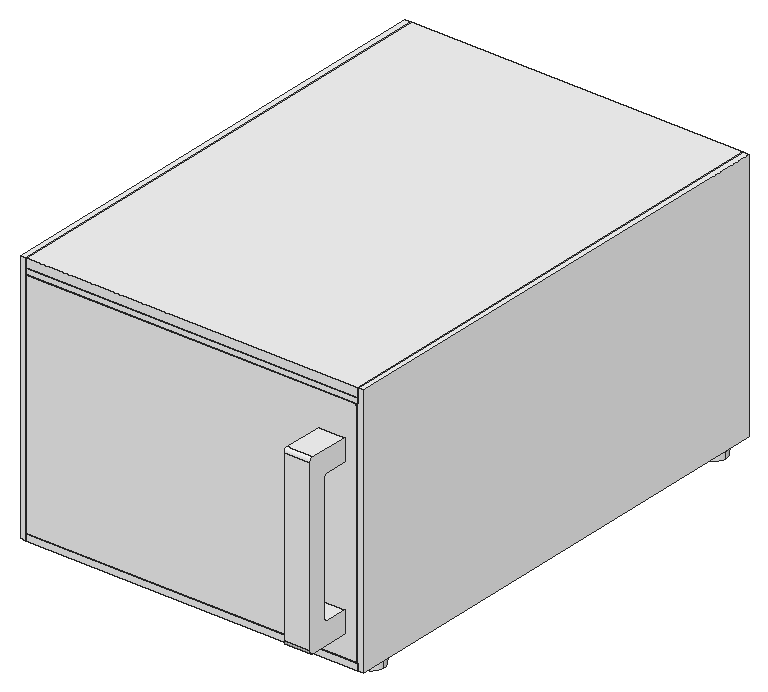
Revit family "QF_Vollrath_SBC12", category Specialty Equipment, Revit 2016
Family settings
  Part Type = Normal
  Round Connector Dimension = Use Diameter
  OmniClass Number = 23.40.40.00
  OmniClass Title = Food Service Equipment and Furnishings
  Work Plane-Based = Yes
  Always vertical = Yes
  Cut with Voids When Loaded = No
  Shared = No
  Room Calculation Point = No
Parameters
  Width = 10"
  Weight in Pounds = 0
  Watermarked By = ""
  URL Cutsheet = ""
  Specification by User [instance] = ""
  Specification by Manufacturer [instance] = ""
  Serial Number [instance] = ""
  Revision Code [instance] = ""
  NAFEM Spec ID Number [instance] = ""
  Model = "SBC12"
  Masterspec [instance] = ""
  Manufacturer = "Vollrath"
  Item Number [instance] = "-"
  Installed By [instance] = ""
  Height = 7 3/8"
  Furnished By [instance] = ""
  Foodservice Equipment Identifier = yes
  Description = "1/2 Display Bin with Front Door"
  Depth = 14"
  Default Elevation = 48"
  CSI MasterFormat = ""
Reference planes (in)
  plane 1 "BACK": y = 0
  plane 2 "BOTTOM": z = 0
  plane 3 "LEFT": x = -16.56573
  plane 4 "RIGHT": x = -6.56573
  plane 5 "Front Inner": y = -14
  plane 6 "FRONT": y = -15.2462
  plane 7 "Bottom of Body": z = 0.38
  plane 8 "TOP": z = 7.755
  plane 9 "Caster Left": x = -16.00573
  plane 10 "Caster Right": x = -7.12573
  plane 11 "Caster Back": y = -0.56
  plane 12 "Caster Front": y = -13
  plane 13 "Center LR": x = -11.56573
  plane 14: x = -15.31573
  plane 15: z = 1.19
  plane 16: z = 1.83
  plane 17: z = 5.68
  plane 18: z = 6.32
Forms (in)
  Extrusion 1, solid, material "QF_Plastic-White-Transparent"
    sketch origin (0, 0, 0) x (1, 0, 0) y (0, 0, 1)
      loop
        line (-16.56573, 7.755) -> (-16.56573, 0.38) -> (-16.39573, 0.38) -> (-16.39573, 7.755) -> (-16.56573, 7.755)
    from 0 to 14
  Extrusion 2, solid, material "QF_Plastic-White-Transparent"
    sketch origin (0, 0, 0) x (1, 0, 0) y (0, 0, 1)
      loop
        line (-6.56573, 7.755) -> (-6.73573, 7.755) -> (-6.73573, 0.38) -> (-6.56573, 0.38) -> (-6.56573, 7.755)
    from 0 to 14
  Extrusion 3, solid, material "QF_Plastic-White-Transparent"
    sketch origin (0, 0, 0) x (1, 0, 0) y (0, 0, 1)
      loop
        line (-16.39573, 0.38) -> (-6.73573, 0.38) -> (-6.73573, 0.55) -> (-16.39573, 0.55) -> (-16.39573, 0.38)
    from 0 to 14
  Extrusion 4, solid, material "QF_Plastic-White-Transparent"
    sketch origin (0, 0, 0) x (1, 0, 0) y (0, 0, 1)
      loop
        line (-16.39573, 7.755) -> (-16.39573, 7.505) -> (-6.73573, 7.505) -> (-6.73573, 7.755) -> (-16.39573, 7.755)
    from 0 to 14
  Extrusion 5, solid, material "QF_Plastic-White-Transparent"
    sketch origin (0, 0, 0) x (1, 0, 0) y (0, 0, 1)
      loop
        line (-16.39573, 7.505) -> (-16.39573, 7.335) -> (-6.73573, 7.335) -> (-6.73573, 7.505) -> (-16.39573, 7.505)
    from 0 to 14
  Extrusion 6, solid, material "QF_Plastic-White-Transparent"
    sketch origin (0, 0, 0) x (1, 0, 0) y (0, 0, 1)
      loop
        line (-6.73573, 7.335) -> (-16.39573, 7.335) -> (-16.39573, 0.55) -> (-6.73573, 0.55) -> (-6.73573, 7.335)
    from 0 to 0.17
  Extrusion 7, solid, material "QF_Plastic-White-Transparent"
    sketch origin (0, -14, 0) x (1, 0, 0) y (0, 0, 1)
      loop
        arc (-6.79573, 0.58) -> (-6.77451, 0.58879) -> (-6.76573, 0.61) r 0.03
        line (-6.76573, 0.61) -> (-6.76573, 7.275)
        arc (-6.76573, 7.275) -> (-6.77451, 7.29621) -> (-6.79573, 7.305) r 0.03
        line (-6.79573, 7.305) -> (-16.33573, 7.305)
        arc (-16.33573, 7.305) -> (-16.35694, 7.29621) -> (-16.36573, 7.275) r 0.03
        line (-16.36573, 7.275) -> (-16.36573, 0.61)
        arc (-16.36573, 0.61) -> (-16.35694, 0.58879) -> (-16.33573, 0.58) r 0.03
        line (-16.33573, 0.58) -> (-6.79573, 0.58)
    from 0 to -0.17
  Extrusion 8, solid, material "QF_Plastic-White-Transparent"
    sketch origin (0, -14, 0) x (1, 0, 0) y (0, 0, 1)
      loop
        line (-16.36573, 4.175) -> (-16.36573, 0.61)
        arc (-16.36573, 0.61) -> (-16.35694, 0.58879) -> (-16.33573, 0.58) r 0.03
        line (-16.33573, 0.58) -> (-6.79573, 0.58)
        arc (-6.79573, 0.58) -> (-6.77451, 0.58879) -> (-6.76573, 0.61) r 0.03
        line (-6.76573, 0.61) -> (-6.76573, 4.175) -> (-6.93573, 4.175) -> (-6.93573, 0.75) -> (-16.19573, 0.75) -> (-16.19573, 4.175) -> (-16.36573, 4.175)
    from -0.17 to -13.44
  Extrusion 9, solid, material "QF_Plastic-White-Transparent"
    sketch origin (0, -0.56, 0) x (1, 0, 0) y (0, 0, 1)
      loop
        line (-6.76573, 4.555) -> (-16.36573, 4.555) -> (-16.36573, 0.61)
        arc (-16.36573, 0.61) -> (-16.35694, 0.58879) -> (-16.33573, 0.58) r 0.03
        line (-16.33573, 0.58) -> (-6.79573, 0.58)
        arc (-6.79573, 0.58) -> (-6.77451, 0.58879) -> (-6.76573, 0.61) r 0.03
        line (-6.76573, 0.61) -> (-6.76573, 4.555)
    from 0 to -0.17
  Blend 10, solid, material "QF_Plastic-White-Transparent"
    base sketch origin (0, 0, 0) x (1, 0, 0) y (0, 1, 0)
      loop
        circle (-16.00573, -0.56) r 0.35
    top sketch origin (0, 0, 0) x (1, 0, 0) y (0, 1, 0)
      loop
        circle (-16.00573, -0.56) r 0.38
    from 0 to 0.38
  Blend 11, solid, material "QF_Plastic-White-Transparent"
    base sketch origin (0, 0, 0) x (1, 0, 0) y (0, 1, 0)
      loop
        circle (-7.12573, -0.56) r 0.35
    top sketch origin (0, 0, 0) x (1, 0, 0) y (0, 1, 0)
      loop
        circle (-7.12573, -0.56) r 0.38
    from 0 to 0.38
  Blend 12, solid, material "QF_Plastic-White-Transparent"
    base sketch origin (0, 0, 0) x (1, 0, 0) y (0, 1, 0)
      loop
        circle (-16.00573, -13) r 0.35
    top sketch origin (0, 0, 0) x (1, 0, 0) y (0, 1, 0)
      loop
        circle (-16.00573, -13) r 0.38
    from 0 to 0.38
  Blend 13, solid, material "QF_Plastic-White-Transparent"
    base sketch origin (0, 0, 0) x (1, 0, 0) y (0, 1, 0)
      loop
        circle (-7.12573, -13) r 0.35
    top sketch origin (0, 0, 0) x (1, 0, 0) y (0, 1, 0)
      loop
        circle (-7.12573, -13) r 0.38
    from 0 to 0.38
  Extrusion 14, solid, material "QF_Clearance", detail levels coarse+medium
    sketch origin (0, 0, 7.755) x (0, 1, 0) y (-1, 0, 0)
      loop
        line (-14, 16.56573) -> (-24, 16.56573)
        arc (-24, 16.56573) -> (-21.07107, 9.49466) -> (-14, 6.56573) r 10
        line (-14, 6.56573) -> (-14, 16.56573)
    from 0 to -7.375
  Extrusion 15, solid, material "QF_Plastic-White-Transparent"
    sketch origin (-7.12573, 0, 0) x (0, 1, 0) y (0, 0, 1)
      loop
        line (-14, 1.19) -> (-14, 1.83) -> (-14.64464, 1.83)
        arc (-14.64464, 1.83) -> (-14.71645, 1.85975) -> (-14.7462, 1.93156) r 0.10156
        line (-14.7462, 1.93156) -> (-14.7462, 5.57844)
        arc (-14.7462, 5.57844) -> (-14.71645, 5.65025) -> (-14.64464, 5.68) r 0.10156
        line (-14.64464, 5.68) -> (-14, 5.68) -> (-14, 6.32) -> (-15.14464, 6.32)
        arc (-15.14464, 6.32) -> (-15.21645, 6.29025) -> (-15.2462, 6.21844) r 0.10156
        line (-15.2462, 6.21844) -> (-15.2462, 1.29156)
        arc (-15.2462, 1.29156) -> (-15.21645, 1.21975) -> (-15.14464, 1.19) r 0.10156
        line (-15.14464, 1.19) -> (-14, 1.19)
    from 0 to -0.75
Lines and regions (in)
  symbolic lines
    curve 1: line (-16.56573, 0, 0) -> (-6.56573, 0, 0)
    curve 2: line (-16.56573, -14, 0) -> (-16.56573, 0, 0)
    curve 3: line (-6.56573, -14, 0) -> (-16.56573, -14, 0)
    curve 4: line (-6.56573, 0, 0) -> (-6.56573, -14, 0)
    curve 5: line (-7.87573, -14, 7.755) -> (-7.87573, -15.2462, 7.755)
    curve 6: line (-7.12573, -15.2462, 7.755) -> (-7.12573, -14, 7.755)
    curve 7: line (-7.87573, -15.2462, 7.755) -> (-7.12573, -15.2462, 7.755)
  symbolic lines, style "QF_Clearances_Door_Drawer"
    curve 8: line (-16.56573, -14, 7.755) -> (-16.56573, -24, 7.755)
    curve 9: arc (-16.56573, -24, 7.755) -> (-9.49466, -21.07107, 7.755) -> (-6.56573, -14, 7.755) r 10
Dimensions and locks (in)
  "Width": plane 3 "LEFT" to plane 4 "RIGHT"
  "Depth": plane 5 "Front Inner" to plane 1 "BACK"
  locked: plane 6 "FRONT" to plane 5 "Front Inner" at 1.2462
  locked: plane 7 "Bottom of Body" to plane 2 "BOTTOM" at 0.38
  "Height": plane 8 "TOP" to plane 7 "Bottom of Body"
  locked: plane 3 "LEFT" to plane 9 "Caster Left" at 0.56
  locked: plane 10 "Caster Right" to plane 4 "RIGHT" at 0.56
  locked: plane 11 "Caster Back" to plane 1 "BACK" at 0.56
  locked: plane 5 "Front Inner" to plane 12 "Caster Front" at 1
  locked: plane 3 "LEFT" to Extrusion 1 sketch curve at 0.17
  locked: Extrusion 2 sketch curve to plane 4 "RIGHT" at 0.17
  locked: Extrusion 3 sketch curve to plane 7 "Bottom of Body" at 0.17
  locked: plane 8 "TOP" to Extrusion 5 sketch curve at 0.42
  locked: plane 8 "TOP" to Extrusion 5 sketch curve at 0.25
  equal spacing: plane 3 "LEFT", plane 13 "Center LR", plane 4 "RIGHT"
  locked: plane 15 to plane 7 "Bottom of Body" at 0.81
  locked: plane 16 to plane 15 at 0.64
  locked: plane 18 to plane 17 at 0.64
  locked: plane 8 "TOP" to plane 18 at 1.435
  aligned and locked: level to plane 2 "BOTTOM"
  aligned and locked: Extrusion 1 sketch curve to plane 3 "LEFT"
  aligned and locked: plane 8 "TOP" to Extrusion 1 sketch curve
  aligned and locked: Extrusion 1 sketch curve to plane 7 "Bottom of Body"
  aligned and locked: Extrusion 2 sketch curve to plane 4 "RIGHT"
  aligned and locked: Extrusion 2 sketch curve to plane 7 "Bottom of Body"
  aligned and locked: plane 8 "TOP" to Extrusion 2 sketch curve
  aligned and locked: plane 5 "Front Inner" to Extrusion 1
  aligned and locked: plane 5 "Front Inner" to Extrusion 2
  aligned and locked: Extrusion 3 sketch curve to plane 7 "Bottom of Body"
  aligned and locked: Extrusion 3 sketch curve to Extrusion 1
  aligned and locked: Extrusion 3 sketch curve to Extrusion 2
  aligned and locked: Extrusion 4 sketch curve to plane 8 "TOP"
  aligned and locked: Extrusion 1 to Extrusion 4 sketch curve
  aligned and locked: Extrusion 4 sketch curve to Extrusion 2
  aligned and locked: Extrusion 1 to Extrusion 5 sketch curve
  aligned and locked: Extrusion 5 sketch curve to Extrusion 2
  aligned and locked: plane 5 "Front Inner" to Extrusion 4
  aligned and locked: plane 5 "Front Inner" to Extrusion 5
  aligned and locked: plane 5 "Front Inner" to Extrusion 3
  aligned and locked: Extrusion 6 sketch curve to Extrusion 5  (x2)
  aligned and locked: Extrusion 6 sketch curve to Extrusion 3  (x2)
  aligned and locked: plane 7 "Bottom of Body" to Blend 10
  aligned and locked: plane 7 "Bottom of Body" to Blend 11
  aligned and locked: plane 7 "Bottom of Body" to Blend 12
  aligned and locked: plane 7 "Bottom of Body" to Blend 13
  aligned and locked: curve 1 to Extrusion 1
  aligned and locked: curve 2 to Extrusion 1
  aligned and locked: curve 3 to Extrusion 2
  aligned and locked: curve 4 to Extrusion 2
  aligned and locked: plane 5 "Front Inner" to Extrusion 14 sketch curve
  aligned and locked: Extrusion 14 to plane 7 "Bottom of Body"
  aligned and locked: curve 5 to Extrusion 15
  aligned and locked: curve 6 to Extrusion 15
  aligned and locked: curve 8 to Extrusion 14
  aligned and locked: curve 9 to Extrusion 14
Automatic sketch dimensions
  Extrusion 4 sketch curve to plane 8 "TOP" = 1/4"
  plane 3 "LEFT" to Extrusion 7 sketch curve = 0.2"
  Extrusion 7 sketch curve to Extrusion 7 sketch curve = 0.03"  (x3)
  Extrusion 7 sketch curve to plane 4 "RIGHT" = 0.23"  (x2)
  plane 7 "Bottom of Body" to Extrusion 7 sketch curve = 0.2"
  Extrusion 7 sketch curve to plane 8 "TOP" = 0.48"
  plane 3 "LEFT" to Extrusion 8 sketch curve = 0.2"
  Extrusion 8 sketch curve to Extrusion 8 sketch curve = 0.03"  (x2)
  plane 10 "Caster Right" to Extrusion 8 sketch curve = 0.19"
  Extrusion 8 sketch curve to Extrusion 8 sketch curve = 0.14"  (x2)
  plane 7 "Bottom of Body" to Extrusion 8 sketch curve = 0.2"
  Extrusion 8 sketch curve to plane 17 = 1.505"  (x2)
  plane 3 "LEFT" to Extrusion 9 sketch curve = 0.2"
  Extrusion 9 sketch curve to Extrusion 9 sketch curve = 0.03"  (x2)
  Extrusion 9 sketch curve to plane 4 "RIGHT" = 0.23"
  plane 7 "Bottom of Body" to Extrusion 9 sketch curve = 0.2"
  Extrusion 9 sketch curve to plane 17 = 1 1/8"
  Blend 10 sketch curve to plane 9 "Caster Left" = 0"  (x2)
  plane 11 "Caster Back" to Blend 10 sketch curve = 0"  (x2)
  Blend 11 sketch curve to plane 10 "Caster Right" = 0"  (x2)
  plane 11 "Caster Back" to Blend 11 sketch curve = 0"  (x2)
  Blend 12 sketch curve to plane 9 "Caster Left" = 0"  (x2)
  plane 12 "Caster Front" to Blend 12 sketch curve = 0"  (x2)
  Blend 13 sketch curve to plane 10 "Caster Right" = 0"  (x2)
  plane 12 "Caster Front" to Blend 13 sketch curve = 0"  (x2)
  Extrusion 15 sketch curve to plane 6 "FRONT" = 0"
  Extrusion 15 sketch curve to plane 15 = 0"
  Extrusion 15 sketch curve to plane 18 = 0"
  Extrusion 15 sketch curve to plane 16 = 0"
  Extrusion 15 sketch curve to plane 17 = 0"
  Extrusion 15 sketch curve to plane 5 "Front Inner" = 0"  (x2)
  Extrusion 15 sketch curve to plane 6 "FRONT" = 13/128"
  Extrusion 15 sketch curve to Extrusion 15 sketch curve = 13/128"  (x2)
  Extrusion 15 sketch curve to plane 17 = 13/128"
  Extrusion 15 sketch curve to plane 6 "FRONT" = 1/2"
  plane 6 "FRONT" to curve 7 = 0"
  plane 5 "Front Inner" to curve 6 = 0"
  plane 5 "Front Inner" to curve 5 = 0"
  Extrusion 8 sketch curve to plane 9 "Caster Left" = 0.19"
  Extrusion 14 sketch curve to plane 3 "LEFT" = 0"
  Extrusion 14 sketch curve to plane 4 "RIGHT" = 0"
  plane 5 "Front Inner" to curve 8 = 0"
  radius of Blend 10 sketch curve = 0.35"
  radius of Blend 10 sketch curve = 0.38"
  radius of Blend 11 sketch curve = 0.35"
  radius of Blend 11 sketch curve = 0.38"
  radius of Blend 12 sketch curve = 0.35"
  radius of Blend 12 sketch curve = 0.38"
  radius of Blend 13 sketch curve = 0.35"
  radius of Blend 13 sketch curve = 0.38"
